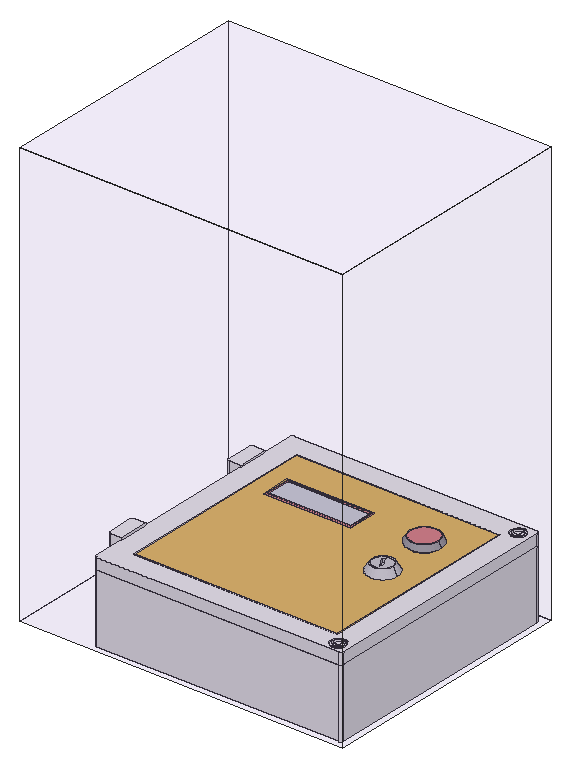
Revit family "GG - Gasguard Panel", category Electrical Equipment, host Face, Revit 2019
Family settings
  Host = Face
  Panel Configuration = Two Columns, Circuits Across
  Round Connector Dimension = Use Diameter
  Part Type = Panelboard
  Cut with Voids When Loaded = No
  Shared = No
  Room Calculation Point = No
Parameters
  Default Elevation = 1219.2 mm
Reference planes
  plane 1 "Center (Front/Back)": y = 0
  plane 2: z = 0
  plane 3 "Center (Left/Right)": x = 0
  plane 4: y = 38
  plane 5: x = 48
  plane 6: z = 59
  plane 7: z = 44
  plane 8: x = -44
  plane 9 "Clearance Zone Left": x = -140
  plane 10 "Clearance Zone Top": y = 95
  plane 11 "Clearance Zone Right": x = 95
  plane 12 "Clearance Zone Bottom": y = -95
  plane 13 "Clearance Zone Front": z = 309
Forms (mm)
  Extrusion 1, solid, material "Polycarbonate - White"
    sketch origin (0, 0, 0) x (1, 0, 0) y (0, 1, 0)
      loop
        arc (-88, 90) -> (-89.414, 89.414) -> (-90, 88) r 2
        line (-90, 88) -> (-90, -88)
        arc (-90, -88) -> (-89.414, -89.414) -> (-88, -90) r 2
        line (-88, -90) -> (88, -90)
        arc (88, -90) -> (89.414, -89.414) -> (90, -88) r 2
        line (90, -88) -> (90, 88)
        arc (90, 88) -> (89.414, 89.414) -> (88, 90) r 2
        line (88, 90) -> (-88, 90)
    from 0 to 50
  Extrusion 2, solid, material "Polycarbonate - White"
    sketch origin (0, 0, 50) x (1, 0, 0) y (0, 1, 0)
      loop
        arc (-88, 90) -> (-89.414, 89.414) -> (-90, 88) r 2
        line (-90, 88) -> (-90, -88)
        arc (-90, -88) -> (-89.414, -89.414) -> (-88, -90) r 2
        line (-88, -90) -> (88, -90)
        arc (88, -90) -> (89.414, -89.414) -> (90, -88) r 2
        line (90, -88) -> (90, 88)
        arc (90, 88) -> (89.414, 89.414) -> (88, 90) r 2
        line (88, 90) -> (-88, 90)
      loop
        line (74, 74) -> (-74, 74) -> (-74, -74) -> (74, -74) -> (74, 74)
      loop
        circle (81.392, 82) r 5.5
      loop
        circle (81.392, -82) r 5.5
    from 0 to 8
  Extrusion 3, solid, material "Glass"
    sketch origin (0, 5.097, 50) x (1, 0, 0) y (0, 1, 0)
      loop
        line (-58.723, 41.903) -> (-58.723, 23.903) -> (1.277, 23.903) -> (1.277, 41.903) -> (-58.723, 41.903)
    from 7.153 to 8
  Extrusion 4, solid, material "Plastic Sticker"
    sketch origin (0, 0, 50) x (1, 0, 0) y (0, 1, 0)
      loop
        line (-74, 74) -> (-74, -74) -> (74, -74) -> (74, 74) -> (-74, 74)
      loop
        line (-60.223, 48.463) -> (-60.223, 27.5) -> (2.777, 27.5) -> (2.777, 48.463) -> (-60.223, 48.463)
      loop
        circle (48, 38) r 7.902
      loop
        circle (48, 0) r 10
    from 0 to 8
  Extrusion 5, solid
    sketch origin (0, 0, 50) x (1, 0, 0) y (0, 1, 0)
      loop
        line (-58.723, 47) -> (-58.723, 29) -> (1.277, 29) -> (1.277, 47) -> (-58.723, 47)
    from 2.849 to 8
  Extrusion 6, solid, material "Polycarbonate - White"
    sketch origin (0, 27, 50) x (1, 0, 0) y (0, 1, 0)
      loop
        line (-90, 38) -> (-98, 38)
        arc (-98, 38) -> (-99.414, 37.414) -> (-100, 36) r 2
        line (-100, 36) -> (-100, 18)
        arc (-100, 18) -> (-99.414, 16.586) -> (-98, 16) r 2
        line (-98, 16) -> (-90, 16) -> (-90, 38)
    from -6 to 9
  Extrusion 7, solid, material "Polycarbonate - White"
    sketch origin (0, 27, 33) x (0, -1, 0) y (-1, 0, 0)
      loop
        line (-38, 90) -> (-16, 90) -> (-16, 98)
        arc (-16, 98) -> (-16.586, 99.414) -> (-18, 100) r 2
        line (-18, 100) -> (-36, 100)
        arc (-36, 100) -> (-37.414, 99.414) -> (-38, 98) r 2
        line (-38, 98) -> (-38, 90)
    from -6 to 9
  Extrusion 8, solid, material "Polycarbonate - White"
    sketch origin (0, 27, 48) x (0, -1, 0) y (-1, 0, 0)
      loop
        line (-38, 90) -> (-16, 90) -> (-16, 98)
        arc (-16, 98) -> (-16.586, 99.414) -> (-18, 100) r 2
        line (-18, 100) -> (-36, 100)
        arc (-36, 100) -> (-37.414, 99.414) -> (-38, 98) r 2
        line (-38, 98) -> (-38, 90)
    from 4 to 9
  Extrusion 9, solid, material "Polycarbonate - White"
    sketch origin (0, 0, 50) x (1, 0, 0) y (0, 1, 0)
      loop
        circle (81.392, 82) r 5
      loop
        circle (81.392, 82) r 4
    from 0 to 8
  Extrusion 10, solid, material "Polycarbonate - White"
    sketch origin (0, 0, 50) x (1, 0, 0) y (0, 1, 0)
      loop
        circle (81.392, -82) r 5
      loop
        circle (81.392, -82) r 4
    from 0 to 8
  Extrusion 11, solid, material "Polycarbonate - White"
    sketch origin (0, 0, 58) x (1, 0, 0) y (0, 1, 0)
      loop
        line (81.392, 85.5) -> (81.392, 82) -> (84.892, 82)
        arc (84.892, 82) -> (83.867, 84.475) -> (81.392, 85.5) r 3.5
    from -8 to -1
  Extrusion 12, solid, material "Polycarbonate - White"
    sketch origin (162.784, 0, 58) x (-1, 0, 0) y (0, -1, 0)
      loop
        arc (81.392, -85.5) -> (83.867, -84.475) -> (84.892, -82) r 3.5
        line (84.892, -82) -> (81.392, -82) -> (81.392, -85.5)
    from -8 to -1
  Extrusion 13, solid, material "Polycarbonate - White"
    sketch origin (0, 164, 58) x (1, 0, 0) y (0, 1, 0)
      loop
        arc (81.392, -85.5) -> (83.867, -84.475) -> (84.892, -82) r 3.5
        line (84.892, -82) -> (81.392, -82) -> (81.392, -85.5)
    from -8 to -1
  Extrusion 14, solid, material "Polycarbonate - White"
    sketch origin (162.784, 164, 58) x (-1, 0, 0) y (0, -1, 0)
      loop
        line (81.392, 85.5) -> (81.392, 82) -> (84.892, 82)
        arc (84.892, 82) -> (83.867, 84.475) -> (81.392, 85.5) r 3.5
    from -8 to -1
  Extrusion 15, solid, material "Polycarbonate - White"
    sketch origin (0, 0, 58) x (1, 0, 0) y (0, 1, 0)
      loop
        arc (81.392, -85.5) -> (83.867, -84.475) -> (84.892, -82) r 3.5
        line (84.892, -82) -> (81.392, -82) -> (81.392, -85.5)
    from -8 to -1
  Extrusion 16, solid, material "Polycarbonate - White"
    sketch origin (162.784, 0, 58) x (-1, 0, 0) y (0, -1, 0)
      loop
        line (81.392, 85.5) -> (81.392, 82) -> (84.892, 82)
        arc (84.892, 82) -> (83.867, 84.475) -> (81.392, 85.5) r 3.5
    from -8 to -1
  Extrusion 17, solid, material "Polycarbonate - White"
    sketch origin (0, -164, 58) x (1, 0, 0) y (0, 1, 0)
      loop
        line (81.392, 85.5) -> (81.392, 82) -> (84.892, 82)
        arc (84.892, 82) -> (83.867, 84.475) -> (81.392, 85.5) r 3.5
    from -8 to -1
  Extrusion 18, solid, material "Polycarbonate - White"
    sketch origin (162.784, -164, 58) x (-1, 0, 0) y (0, -1, 0)
      loop
        arc (81.392, -85.5) -> (83.867, -84.475) -> (84.892, -82) r 3.5
        line (84.892, -82) -> (81.392, -82) -> (81.392, -85.5)
    from -8 to -1
  Extrusion 19, solid, material "Polycarbonate - White"
    sketch origin (0, -27, 50) x (1, 0, 0) y (0, 1, 0)
      loop
        line (-90, -38) -> (-90, -16) -> (-98, -16)
        arc (-98, -16) -> (-99.414, -16.586) -> (-100, -18) r 2
        line (-100, -18) -> (-100, -36)
        arc (-100, -36) -> (-99.414, -37.414) -> (-98, -38) r 2
        line (-98, -38) -> (-90, -38)
    from -6 to 9
  Extrusion 20, solid, material "Polycarbonate - White"
    sketch origin (0, -27, 33) x (0, -1, 0) y (-1, 0, 0)
      loop
        line (38, 90) -> (38, 98)
        arc (38, 98) -> (37.414, 99.414) -> (36, 100) r 2
        line (36, 100) -> (18, 100)
        arc (18, 100) -> (16.586, 99.414) -> (16, 98) r 2
        line (16, 98) -> (16, 90) -> (38, 90)
    from -6 to 9
  Extrusion 21, solid, material "Polycarbonate - White"
    sketch origin (0, -27, 48) x (0, -1, 0) y (-1, 0, 0)
      loop
        line (38, 90) -> (38, 98)
        arc (38, 98) -> (37.414, 99.414) -> (36, 100) r 2
        line (36, 100) -> (18, 100)
        arc (18, 100) -> (16.586, 99.414) -> (16, 98) r 2
        line (16, 98) -> (16, 90) -> (38, 90)
    from 4 to 9
  Extrusion 22, solid, material "Aluminum - Anodized Rough (Red)"
    sketch origin (0, 0, 58) x (1, 0, 0) y (0, 1, 0)
      loop
        line (-60.223, 48.5) -> (-60.223, 27.5) -> (2.777, 27.5) -> (2.777, 48.5) -> (-60.223, 48.5)
      loop
        line (-58.723, 47) -> (-58.723, 29) -> (1.277, 29) -> (1.277, 47) -> (-58.723, 47)
    from -0.847 to 0
  Extrusion 23, solid, material "Clearance Zones"
    sketch origin (0, 0, 58) x (1, 0, 0) y (0, 1, 0)
      loop
        line (-140, 95) -> (-140, -95) -> (95, -95) -> (95, 95) -> (-140, 95)
    from -58 to 251
Dimensions and locks
  locked: Extrusion 2 to plane 11 "Clearance Zone Right" at 5
  locked: plane 10 "Clearance Zone Top" to Extrusion 2 at 5
  locked: Extrusion 2 to plane 12 "Clearance Zone Bottom" at 5
  locked: plane 9 "Clearance Zone Left" to Extrusion 2 at 50
  locked: plane 13 "Clearance Zone Front" to host face at 309
  aligned and locked: plane 2 to host face
  aligned and locked: level to host face
Nested families
  nested 1: "Generic Flamefast EM Stop" at (48, 38, 60.168), type "Generic Flamefast EM Stop"
  nested 2: "Generic Flamefast Key Switch" at (48, 0, 58), type "Generic Flamefast Key Switch"
Connectors
  electrical at (0, 0, 0)
    settings: on Extrusion 1, index 1, voltage 240 V, apparent load 0 VA, apparent load phase1 10 VA, apparent load phase2 0 VA, apparent load phase3 0 VA, power factor 1, load classification "Other", number of poles 1, system type 31, power factor state 1, is connector primary yes, connector utility no, sub classification motor no, connector description ""
Definition of nested family "Generic Flamefast EM Stop"
  Reference planes
    plane 1 "Center (Front/Back)": y = 0
    plane 2: z = 0
    plane 3 "Center (Left/Right)": x = 0
  Forms (mm)
    Blend 1, solid
      base sketch origin (0, 0, 0) x (1, 0, 0) y (0, 1, 0)
        loop
          circle (0, 0) r 12.5
      top sketch origin (0, 0, 0) x (1, 0, 0) y (0, 1, 0)
        loop
          circle (0, 0) r 10.5
      from 0 to 3.5
    Extrusion 2, solid
      sketch origin (0, 0, 5.342) x (0, 1, 0) y (1, 0, 0)
        loop
          circle (0, 0) r 10
      from 1.7 to 4
    Extrusion 3, solid
      sketch origin (0, 0, 1.832) x (0, 1, 0) y (1, 0, 0)
        loop
          circle (0, 0) r 10
      from 1.832 to 4
    Extrusion 4, void
      sketch origin (0, 0, 0) x (1, 0, 0) y (0, 1, 0)
        loop
          circle (0, 0) r 10.5
        loop
          circle (0, 0) r 10
      from 0 to 3.5
  Cuts and joins
    Extrusion 4 cuts Blend 1
  Dimensions and locks
    aligned and locked: level to plane 2
Definition of nested family "Generic Flamefast Key Switch"
  Reference planes
    plane 1 "Center (Front/Back)": y = 0
    plane 2: z = 0
    plane 3 "Center (Left/Right)": x = 0
  Forms (mm)
    Blend 1, solid
      base sketch origin (0, 0, 0) x (1, 0, 0) y (0, 1, 0)
        loop
          circle (0, 0) r 11
      top sketch origin (0, 0, 0) x (1, 0, 0) y (0, 1, 0)
        loop
          circle (0, 0) r 7.75
      from 0 to 5
    Extrusion 2, void
      sketch origin (0, 0, 0) x (1, 0, 0) y (0, 1, 0)
        loop
          line (1.042, -4.306) -> (3.208, -3.056) -> (-1.042, 4.306) -> (-3.208, 3.056) -> (1.042, -4.306)
      from 3 to 5
    Extrusion 3, void
      sketch origin (0, 0, 0) x (1, 0, 0) y (0, 1, 0)
        loop
          circle (0, 0) r 7.5
        loop
          circle (0, 0) r 7.25
      from 0 to 5
  Cuts and joins
    Extrusion 2, Extrusion 3 cuts Blend 1
  Dimensions and locks
    aligned and locked: level to plane 2
